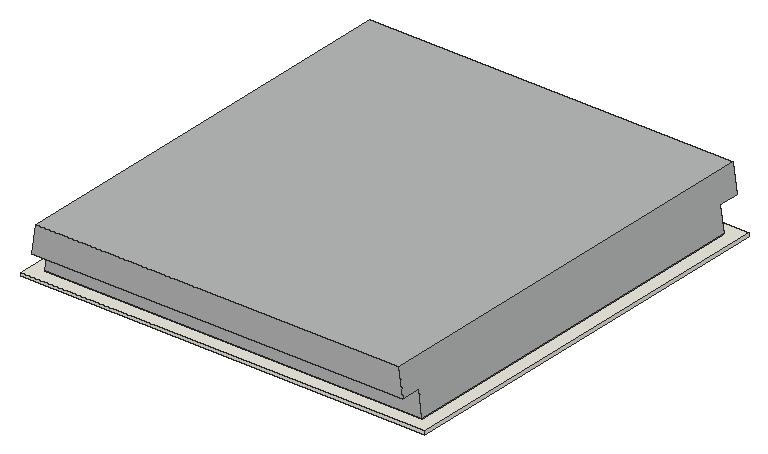
Revit family "OPERLUX", category Осветительные приборы, Revit 2019 (continued)
Types (8, lengths in mm): name | Файл фотометрической сетки | built-in parameter 1150105 | Lumens | built-in parameter 1150106 | built-in parameter 1150142 | Wattage | ADSK_Ток | ADSK_Полная мощность | ADSK_Обозначение | ADSK_Номинальная мощность | ADSK_Наименование | ADSK_Код изделия
  CSVT Operlux - 34/opal-sand (IP20, 4000К, грильято) | "Светильник OPERLUX-34 PRISMA-(588x588).IES" | 246.69 (stored number, unit not read) | 3100 lm | 2.4669 (stored number, unit not read) | "IESNA:LM-63-95\r\n[TEST] Протокол № 50\r\n[DATA] 17.06.2016\r\n[MORE] \r\n[MANUFAC] ЗАО \"Центрстройсвет\"\r\n[LUMCAT]  Светильник OPERLUX-34/PRISMA-(588x588) \r\n[LUMINAIRE]\r\n[LAMPCAT] Светодиоды\r\n[LAMP] Поток источника света (светодиодов) не известен\r\n[MORE] КСС приведена в абсолютных величинах кд\r\n[MORE] Вместо потока лампы, указан поток светильника.\r\nTILT=NONE\r\n1    3050 1.0 37 73 1 2 0.588 0.588 0.08\r\n1.0 1.0 34\r\n0.0 5.0 10.0 15.0 20.0 25.0 30.0 35.0 40.0 45.0 50.0 55.0 60.0 65.0 70.0 75.0 80.0 85.0 90.0 95.0 100.0 105.0 110.0 115.0 120.0 125.0 130.0 135.0 140.0 145.0 150.0 155.0 160.0 165.0 170.0 175.0 180.0\r\n0.0 5.0 10.0 15.0 20.0 25.0 30.0 35.0 40.0 45.0 50.0 55.0 60.0 65.0 70.0 75.0 80.0 85.0 90.0 95.0 100.0 105.0 110.0 115.0 120.0 125.0 130.0 135.0 140.0 145.0 150.0 155.0 160.0 165.0 170.0 175.0 180.0 185.0 190.0 195.0 200.0 205.0 210.0 215.0 220.0 225.0 230.0 235.0 240.0 245.0 250.0 255.0 260.0 265.0 270.0 275.0 280.0 285.0 290.0 295.0 300.0 305.0 310.0 315.0 320.0 325.0 330.0 335.0 340.0 345.0 350.0 355.0 360.0\r\n1367.8 1364.1 1339.9 1310.7 1251.0 1171.4 1077.9 956.5 826.9 709.2 591.4 468.7 352.2 267.2 190.7 130.0 88.6 43.5 5.5 0.0 0.0 0.0 0.0 0.0 0.0 0.0 0.0 0.0 0.0 0.0 0.0 0.0 0.0 0.0 0.0 0.0 0.0\r\n1367.8 1365.7 1344.6 1309.2 1251.5 1175.2 1073.4 954.2 830.4 711.2 594.6 469.5 356.0 268.7 191.9 132.6 89.9 43.9 6.3 0.0 0.0 0.0 0.0 0.0 0.0 0.0 0.0 0.0 0.0 0.0 0.0 0.0 0.0 0.0 0.0 0.0 0.0\r\n1367.8 1367.4 1347.2 1302.8 1251.5 1178.6 1078.4 958.6 835.1 714.0 597.2 474.3 359.6 268.7 192.7 135.6 92.1 44.3 6.9 0.0 0.0 0.0 0.0 0.0 0.0 0.0 0.0 0.0 0.0 0.0 0.0 0.0 0.0 0.0 0.0 0.0 0.0\r\n1367.8 1368.2 1346.2 1303.1 1250.1 1177.1 1081.4 960.9 838.1 716.2 597.6 475.0 358.6 266.4 190.9 134.8 91.7 44.9 7.0 0.0 0.0 0.0 0.0 0.0 0.0 0.0 0.0 0.0 0.0 0.0 0.0 0.0 0.0 0.0 0.0 0.0 0.0\r\n1367.8 1367.7 1343.5 1306.2 1256.1 1180.0 1081.0 961.6 838.1 714.0 595.7 473.1 356.8 262.2 188.3 132.8 89.3 43.7 6.6 0.0 0.0 0.0 0.0 0.0 0.0 0.0 0.0 0.0 0.0 0.0 0.0 0.0 0.0 0.0 0.0 0.0 0.0\r\n1367.8 1366.2 1344.8 1309.0 1256.2 1184.6 1080.4 962.6 836.8 714.8 593.8 469.6 354.4 260.1 184.9 130.4 88.4 44.2 6.5 0.0 0.0 0.0 0.0 0.0 0.0 0.0 0.0 0.0 0.0 0.0 0.0 0.0 0.0 0.0 0.0 0.0 0.0\r\n1367.8 1364.3 1347.6 1312.1 1259.9 1177.4 1078.5 968.2 849.1 721.6 596.0 467.2 355.0 257.4 183.3 127.1 87.5 45.4 6.5 0.0 0.0 0.0 0.0 0.0 0.0 0.0 0.0 0.0 0.0 0.0 0.0 0.0 0.0 0.0 0.0 0.0 0.0\r\n1367.8 1363.3 1348.8 1312.0 1262.8 1181.2 1077.4 968.8 853.2 730.0 597.2 466.8 353.5 256.9 181.1 124.8 87.2 45.9 6.9 0.0 0.0 0.0 0.0 0.0 0.0 0.0 0.0 0.0 0.0 0.0 0.0 0.0 0.0 0.0 0.0 0.0 0.0\r\n1367.8 1364.0 1350.3 1308.2 1255.9 1182.2 1079.9 969.0 856.0 734.3 601.1 468.4 352.6 254.4 178.0 121.7 85.5 45.0 6.9 0.0 0.0 0.0 0.0 0.0 0.0 0.0 0.0 0.0 0.0 0.0 0.0 0.0 0.0 0.0 0.0 0.0 0.0\r\n1367.8 1364.9 1349.2 1313.0 1259.2 1178.2 1076.4 970.7 860.9 740.8 606.9 469.1 350.2 254.0 175.6 117.8 83.6 43.4 6.7 0.0 0.0 0.0 0.0 0.0 0.0 0.0 0.0 0.0 0.0 0.0 0.0 0.0 0.0 0.0 0.0 0.0 0.0\r\n1367.8 1365.0 1348.6 1315.3 1261.5 1184.1 1082.6 973.9 862.8 745.2 607.9 469.0 350.5 253.1 173.2 116.2 81.4 42.4 6.5 0.0 0.0 0.0 0.0 0.0 0.0 0.0 0.0 0.0 0.0 0.0 0.0 0.0 0.0 0.0 0.0 0.0 0.0\r\n1367.8 1364.4 1347.9 1315.3 1258.7 1186.3 1085.9 970.5 862.2 747.0 613.0 468.8 350.2 252.8 173.4 116.6 79.8 40.9 6.7 0.0 0.0 0.0 0.0 0.0 0.0 0.0 0.0 0.0 0.0 0.0 0.0 0.0 0.0 0.0 0.0 0.0 0.0\r\n1367.8 1363.4 1347.0 1308.3 1258.6 1184.3 1089.8 973.9 867.7 742.3 606.2 467.0 350.0 252.6 175.4 119.1 79.8 42.1 7.1 0.0 0.0 0.0 0.0 0.0 0.0 0.0 0.0 0.0 0.0 0.0 0.0 0.0 0.0 0.0 0.0 0.0 0.0\r\n1367.8 1362.6 1348.4 1308.2 1261.4 1190.2 1088.3 978.6 869.6 744.0 601.1 462.4 350.2 253.6 175.9 123.0 83.5 45.3 7.8 0.0 0.0 0.0 0.0 0.0 0.0 0.0 0.0 0.0 0.0 0.0 0.0 0.0 0.0 0.0 0.0 0.0 0.0\r\n1367.8 1362.3 1347.3 1311.1 1262.3 1191.1 1093.6 982.5 872.1 746.6 597.2 461.1 348.8 251.4 176.3 127.6 89.2 48.5 7.9 0.0 0.0 0.0 0.0 0.0 0.0 0.0 0.0 0.0 0.0 0.0 0.0 0.0 0.0 0.0 0.0 0.0 0.0\r\n1367.8 1362.5 1345.8 1316.1 1260.6 1190.3 1096.8 982.6 873.3 743.8 593.1 456.4 347.2 250.6 175.7 130.9 94.2 51.8 9.3 0.0 0.0 0.0 0.0 0.0 0.0 0.0 0.0 0.0 0.0 0.0 0.0 0.0 0.0 0.0 0.0 0.0 0.0\r\n1367.8 1363.2 1345.2 1315.5 1267.1 1195.5 1096.1 995.9 871.3 740.3 589.0 455.0 342.8 246.9 174.2 131.9 97.1 52.4 10.1 0.0 0.0 0.0 0.0 0.0 0.0 0.0 0.0 0.0 0.0 0.0 0.0 0.0 0.0 0.0 0.0 0.0 0.0\r\n1367.8 1364.5 1346.0 1317.2 1264.0 1194.7 1102.6 991.8 873.9 736.2 584.7 454.3 338.6 243.0 171.3 130.1 99.3 53.7 9.5 0.0 0.0 0.0 0.0 0.0 0.0 0.0 0.0 0.0 0.0 0.0 0.0 0.0 0.0 0.0 0.0 0.0 0.0\r\n1367.8 1365.9 1346.4 1317.1 1264.0 1198.2 1105.3 994.6 872.6 727.7 582.0 451.8 335.8 239.9 168.3 127.6 100.0 55.8 7.5 0.0 0.0 0.0 0.0 0.0 0.0 0.0 0.0 0.0 0.0 0.0 0.0 0.0 0.0 0.0 0.0 0.0 0.0\r\n1367.8 1366.3 1344.9 1317.5 1265.6 1200.4 1108.2 997.2 868.8 722.7 575.8 446.5 333.1 238.4 167.7 126.3 98.1 56.1 8.8 0.0 0.0 0.0 0.0 0.0 0.0 0.0 0.0 0.0 0.0 0.0 0.0 0.0 0.0 0.0 0.0 0.0 0.0\r\n1367.8 1365.9 1344.0 1313.0 1263.2 1200.6 1104.3 997.0 862.7 720.9 568.5 441.0 331.7 237.8 167.7 126.3 96.7 53.7 9.4 0.0 0.0 0.0 0.0 0.0 0.0 0.0 0.0 0.0 0.0 0.0 0.0 0.0 0.0 0.0 0.0 0.0 0.0\r\n1367.8 1365.3 1346.1 1312.6 1263.0 1198.3 1108.1 995.3 861.6 712.7 563.4 437.4 331.4 236.8 165.9 124.7 95.3 55.2 9.1 0.0 0.0 0.0 0.0 0.0 0.0 0.0 0.0 0.0 0.0 0.0 0.0 0.0 0.0 0.0 0.0 0.0 0.0\r\n1367.8 1364.9 1349.2 1313.0 1262.9 1199.0 1108.3 993.8 855.7 710.3 563.1 435.2 329.9 233.9 163.4 121.6 92.0 55.1 8.8 0.0 0.0 0.0 0.0 0.0 0.0 0.0 0.0 0.0 0.0 0.0 0.0 0.0 0.0 0.0 0.0 0.0 0.0\r\n1367.8 1364.1 1352.0 1313.2 1259.2 1197.0 1104.6 988.6 849.9 704.2 562.4 433.5 327.9 230.5 158.4 116.9 87.6 51.4 7.8 0.0 0.0 0.0 0.0 0.0 0.0 0.0 0.0 0.0 0.0 0.0 0.0 0.0 0.0 0.0 0.0 0.0 0.0\r\n1367.8 1363.0 1349.6 1313.3 1257.8 1193.2 1098.7 980.1 848.0 708.1 565.6 433.4 325.1 228.0 154.2 111.3 83.7 49.7 7.5 0.0 0.0 0.0 0.0 0.0 0.0 0.0 0.0 0.0 0.0 0.0 0.0 0.0 0.0 0.0 0.0 0.0 0.0\r\n1367.8 1361.9 1346.7 1314.1 1256.8 1193.2 1093.6 977.6 847.2 708.6 569.1 434.8 324.5 225.9 151.7 107.5 81.6 48.9 7.3 0.0 0.0 0.0 0.0 0.0 0.0 0.0 0.0 0.0 0.0 0.0 0.0 0.0 0.0 0.0 0.0 0.0 0.0\r\n1367.8 1361.2 1345.0 1309.5 1261.1 1193.3 1089.9 973.2 851.1 709.3 572.7 435.0 323.4 225.4 152.1 105.8 80.4 49.9 7.3 0.0 0.0 0.0 0.0 0.0 0.0 0.0 0.0 0.0 0.0 0.0 0.0 0.0 0.0 0.0 0.0 0.0 0.0\r\n1367.8 1360.5 1345.3 1307.2 1258.6 1186.4 1085.9 974.0 847.9 714.1 575.5 436.8 321.2 223.3 152.0 105.2 79.8 49.6 8.0 0.0 0.0 0.0 0.0 0.0 0.0 0.0 0.0 0.0 0.0 0.0 0.0 0.0 0.0 0.0 0.0 0.0 0.0\r\n1367.8 1360.0 1344.3 1308.1 1257.8 1178.2 1085.3 975.1 848.7 715.2 575.4 439.1 318.7 223.0 150.8 104.3 79.3 49.5 8.2 0.0 0.0 0.0 0.0 0.0 0.0 0.0 0.0 0.0 0.0 0.0 0.0 0.0 0.0 0.0 0.0 0.0 0.0\r\n1367.8 1360.5 1346.2 1311.6 1256.3 1174.7 1082.9 978.6 851.4 710.5 574.9 440.6 317.9 221.6 152.3 106.4 79.3 48.7 8.4 0.0 0.0 0.0 0.0 0.0 0.0 0.0 0.0 0.0 0.0 0.0 0.0 0.0 0.0 0.0 0.0 0.0 0.0\r\n1367.8 1361.9 1350.3 1309.3 1252.2 1172.6 1080.3 970.8 851.2 713.3 570.6 439.7 319.0 222.4 154.5 110.7 81.7 47.4 8.1 0.0 0.0 0.0 0.0 0.0 0.0 0.0 0.0 0.0 0.0 0.0 0.0 0.0 0.0 0.0 0.0 0.0 0.0\r\n1367.8 1363.7 1348.0 1307.6 1253.5 1171.4 1087.1 971.6 851.9 710.7 569.9 438.2 323.8 226.5 159.3 115.4 83.3 45.0 7.6 0.0 0.0 0.0 0.0 0.0 0.0 0.0 0.0 0.0 0.0 0.0 0.0 0.0 0.0 0.0 0.0 0.0 0.0\r\n1367.8 1365.3 1346.4 1312.3 1251.8 1172.7 1086.5 974.6 847.7 705.0 567.7 442.4 326.6 234.0 164.3 120.1 85.8 43.9 7.4 0.0 0.0 0.0 0.0 0.0 0.0 0.0 0.0 0.0 0.0 0.0 0.0 0.0 0.0 0.0 0.0 0.0 0.0\r\n1367.8 1366.2 1347.0 1309.1 1250.4 1170.7 1085.2 978.5 846.6 705.8 567.4 441.3 331.1 236.3 167.7 122.8 88.4 45.0 8.1 0.0 0.0 0.0 0.0 0.0 0.0 0.0 0.0 0.0 0.0 0.0 0.0 0.0 0.0 0.0 0.0 0.0 0.0\r\n1367.8 1366.0 1347.9 1306.2 1240.5 1166.7 1082.2 977.2 844.2 702.8 566.8 442.7 335.1 241.3 169.7 123.7 90.0 45.9 9.2 0.0 0.0 0.0 0.0 0.0 0.0 0.0 0.0 0.0 0.0 0.0 0.0 0.0 0.0 0.0 0.0 0.0 0.0\r\n1367.8 1364.3 1346.5 1311.7 1250.6 1170.3 1080.9 980.5 844.4 703.8 569.8 446.4 334.2 240.3 169.5 121.7 87.9 46.9 9.3 0.0 0.0 0.0 0.0 0.0 0.0 0.0 0.0 0.0 0.0 0.0 0.0 0.0 0.0 0.0 0.0 0.0 0.0\r\n1367.8 1361.6 1341.0 1307.3 1249.6 1169.2 1088.8 980.5 845.1 706.2 571.7 444.8 333.0 238.4 168.9 120.7 87.1 47.8 7.8 0.0 0.0 0.0 0.0 0.0 0.0 0.0 0.0 0.0 0.0 0.0 0.0 0.0 0.0 0.0 0.0 0.0 0.0\r\n1367.8 1359.4 1337.2 1303.3 1252.4 1170.4 1080.4 978.1 841.4 701.4 566.4 444.4 333.5 241.2 169.4 122.2 88.2 47.2 9.5 0.0 0.0 0.0 0.0 0.0 0.0 0.0 0.0 0.0 0.0 0.0 0.0 0.0 0.0 0.0 0.0 0.0 0.0\r\n1367.8 1359.3 1342.6 1310.3 1242.7 1173.0 1078.8 976.3 844.8 702.0 565.3 440.7 332.8 240.9 169.9 123.5 89.5 46.1 9.1 0.0 0.0 0.0 0.0 0.0 0.0 0.0 0.0 0.0 0.0 0.0 0.0 0.0 0.0 0.0 0.0 0.0 0.0\r\n1367.8 1361.3 1345.4 1306.4 1248.2 1167.7 1080.4 980.5 846.8 703.5 567.2 443.4 333.2 240.2 168.7 123.1 88.4 46.2 8.4 0.0 0.0 0.0 0.0 0.0 0.0 0.0 0.0 0.0 0.0 0.0 0.0 0.0 0.0 0.0 0.0 0.0 0.0\r\n1367.8 1364.4 1343.1 1308.2 1251.3 1170.9 1084.2 980.8 848.5 707.7 571.1 445.6 332.7 238.1 167.5 120.7 85.6 44.6 7.7 0.0 0.0 0.0 0.0 0.0 0.0 0.0 0.0 0.0 0.0 0.0 0.0 0.0 0.0 0.0 0.0 0.0 0.0\r\n1367.8 1366.7 1342.9 1310.2 1254.3 1176.8 1087.8 981.7 853.4 711.9 574.2 446.0 329.4 232.8 162.6 116.6 83.7 45.3 8.1 0.0 0.0 0.0 0.0 0.0 0.0 0.0 0.0 0.0 0.0 0.0 0.0 0.0 0.0 0.0 0.0 0.0 0.0\r\n1367.8 1367.7 1346.5 1310.6 1258.1 1183.1 1085.5 978.6 854.1 714.2 577.9 448.7 327.1 229.4 158.3 112.1 82.0 47.9 9.0 0.0 0.0 0.0 0.0 0.0 0.0 0.0 0.0 0.0 0.0 0.0 0.0 0.0 0.0 0.0 0.0 0.0 0.0\r\n1367.8 1367.3 1348.0 1310.6 1262.6 1180.1 1086.5 982.6 856.7 719.8 579.9 448.7 324.7 226.8 155.7 107.8 80.3 50.1 9.5 0.0 0.0 0.0 0.0 0.0 0.0 0.0 0.0 0.0 0.0 0.0 0.0 0.0 0.0 0.0 0.0 0.0 0.0\r\n1367.8 1365.6 1348.6 1309.9 1259.0 1186.0 1089.0 979.4 855.0 722.2 584.2 450.5 325.6 227.6 155.8 107.2 80.5 51.4 9.6 0.0 0.0 0.0 0.0 0.0 0.0 0.0 0.0 0.0 0.0 0.0 0.0 0.0 0.0 0.0 0.0 0.0 0.0\r\n1367.8 1363.3 1347.7 1306.8 1261.1 1190.7 1095.5 982.3 860.8 723.2 585.7 446.3 327.8 230.3 158.2 109.3 81.7 51.4 9.3 0.0 0.0 0.0 0.0 0.0 0.0 0.0 0.0 0.0 0.0 0.0 0.0 0.0 0.0 0.0 0.0 0.0 0.0\r\n1367.8 1361.0 1344.4 1306.7 1264.4 1191.7 1095.0 984.8 858.7 723.1 583.6 444.8 328.4 232.3 158.6 109.9 81.8 51.7 9.0 0.0 0.0 0.0 0.0 0.0 0.0 0.0 0.0 0.0 0.0 0.0 0.0 0.0 0.0 0.0 0.0 0.0 0.0\r\n1367.8 1359.1 1344.3 1308.4 1263.8 1198.1 1102.2 989.8 861.5 721.8 582.8 444.8 331.3 233.7 158.6 111.1 83.0 50.9 8.9 0.0 0.0 0.0 0.0 0.0 0.0 0.0 0.0 0.0 0.0 0.0 0.0 0.0 0.0 0.0 0.0 0.0 0.0\r\n1367.8 1357.8 1346.5 1313.8 1263.6 1192.7 1107.0 996.3 859.5 718.8 579.1 442.9 332.1 234.9 160.7 114.1 84.6 51.0 9.2 0.0 0.0 0.0 0.0 0.0 0.0 0.0 0.0 0.0 0.0 0.0 0.0 0.0 0.0 0.0 0.0 0.0 0.0\r\n1367.8 1357.7 1347.3 1313.2 1264.3 1198.9 1108.1 998.6 864.9 718.7 573.2 441.1 332.1 237.8 164.0 118.2 87.5 52.0 9.8 0.0 0.0 0.0 0.0 0.0 0.0 0.0 0.0 0.0 0.0 0.0 0.0 0.0 0.0 0.0 0.0 0.0 0.0\r\n1367.8 1358.5 1346.9 1313.1 1266.5 1195.6 1112.2 1002.8 870.4 722.5 574.7 443.8 335.7 239.1 166.4 121.6 91.2 55.8 10.9 0.0 0.0 0.0 0.0 0.0 0.0 0.0 0.0 0.0 0.0 0.0 0.0 0.0 0.0 0.0 0.0 0.0 0.0\r\n1367.8 1359.8 1344.7 1312.9 1269.5 1203.1 1107.5 1002.6 874.5 724.4 574.3 444.8 335.5 240.3 169.6 124.4 94.2 56.9 11.6 0.0 0.0 0.0 0.0 0.0 0.0 0.0 0.0 0.0 0.0 0.0 0.0 0.0 0.0 0.0 0.0 0.0 0.0\r\n1367.8 1361.7 1344.5 1316.7 1266.1 1199.3 1111.1 1004.7 879.7 733.6 577.6 446.7 337.8 241.2 168.7 126.0 96.3 56.5 11.7 0.0 0.0 0.0 0.0 0.0 0.0 0.0 0.0 0.0 0.0 0.0 0.0 0.0 0.0 0.0 0.0 0.0 0.0\r\n1367.8 1363.9 1346.7 1316.2 1265.7 1198.1 1117.1 1006.7 882.1 737.2 586.5 450.4 338.9 242.3 167.8 125.5 98.6 58.1 10.5 0.0 0.0 0.0 0.0 0.0 0.0 0.0 0.0 0.0 0.0 0.0 0.0 0.0 0.0 0.0 0.0 0.0 0.0\r\n1367.8 1365.2 1345.4 1319.5 1265.7 1198.8 1109.1 1003.5 876.9 742.6 589.1 456.4 341.1 242.1 167.5 126.8 100.2 57.9 8.8 0.0 0.0 0.0 0.0 0.0 0.0 0.0 0.0 0.0 0.0 0.0 0.0 0.0 0.0 0.0 0.0 0.0 0.0\r\n1367.8 1365.0 1345.2 1312.9 1265.8 1199.0 1109.7 999.6 877.6 742.6 595.8 457.7 342.1 245.3 170.4 128.5 99.0 56.9 11.0 0.0 0.0 0.0 0.0 0.0 0.0 0.0 0.0 0.0 0.0 0.0 0.0 0.0 0.0 0.0 0.0 0.0 0.0\r\n1367.8 1364.1 1347.9 1311.6 1271.1 1195.3 1102.7 998.9 881.1 745.5 597.2 460.9 345.1 248.6 174.0 129.7 96.5 55.6 11.2 0.0 0.0 0.0 0.0 0.0 0.0 0.0 0.0 0.0 0.0 0.0 0.0 0.0 0.0 0.0 0.0 0.0 0.0\r\n1367.8 1363.0 1347.3 1314.0 1269.6 1192.3 1104.9 991.5 878.3 748.8 603.5 463.3 348.1 251.3 177.2 130.4 94.2 55.0 10.3 0.0 0.0 0.0 0.0 0.0 0.0 0.0 0.0 0.0 0.0 0.0 0.0 0.0 0.0 0.0 0.0 0.0 0.0\r\n1367.8 1362.4 1346.2 1314.7 1264.3 1194.7 1094.8 992.0 878.4 749.1 608.2 465.6 349.4 252.9 177.2 127.6 90.1 51.7 8.7 0.0 0.0 0.0 0.0 0.0 0.0 0.0 0.0 0.0 0.0 0.0 0.0 0.0 0.0 0.0 0.0 0.0 0.0\r\n1367.8 1362.7 1348.0 1314.5 1265.5 1196.6 1094.9 983.4 872.0 752.6 609.3 469.0 352.6 254.1 177.1 125.0 85.8 47.2 8.1 0.0 0.0 0.0 0.0 0.0 0.0 0.0 0.0 0.0 0.0 0.0 0.0 0.0 0.0 0.0 0.0 0.0 0.0\r\n1367.8 1362.9 1347.6 1317.1 1264.6 1191.1 1090.4 981.6 868.8 748.7 612.1 472.2 352.0 253.6 176.2 121.4 83.1 43.4 6.9 0.0 0.0 0.0 0.0 0.0 0.0 0.0 0.0 0.0 0.0 0.0 0.0 0.0 0.0 0.0 0.0 0.0 0.0\r\n1367.8 1362.5 1343.6 1318.7 1268.8 1192.3 1085.5 974.5 866.1 750.5 612.3 472.0 350.7 253.1 174.7 119.5 83.2 43.3 6.3 0.0 0.0 0.0 0.0 0.0 0.0 0.0 0.0 0.0 0.0 0.0 0.0 0.0 0.0 0.0 0.0 0.0 0.0\r\n1367.8 1362.1 1341.3 1317.3 1267.8 1185.0 1082.2 972.1 864.2 747.6 611.4 473.0 350.1 254.2 174.7 118.9 84.4 45.4 6.1 0.0 0.0 0.0 0.0 0.0 0.0 0.0 0.0 0.0 0.0 0.0 0.0 0.0 0.0 0.0 0.0 0.0 0.0\r\n1367.8 1362.2 1343.6 1308.9 1260.0 1189.4 1084.9 971.7 859.6 740.4 606.9 470.8 351.4 253.9 176.6 120.3 86.5 45.9 6.5 0.0 0.0 0.0 0.0 0.0 0.0 0.0 0.0 0.0 0.0 0.0 0.0 0.0 0.0 0.0 0.0 0.0 0.0\r\n1367.8 1363.0 1342.9 1314.5 1263.9 1184.9 1081.6 971.9 853.4 735.2 605.3 467.7 352.3 254.8 180.1 122.7 87.8 46.6 6.8 0.0 0.0 0.0 0.0 0.0 0.0 0.0 0.0 0.0 0.0 0.0 0.0 0.0 0.0 0.0 0.0 0.0 0.0\r\n1367.8 1364.3 1340.2 1313.1 1261.0 1182.5 1084.4 971.4 852.3 730.7 600.0 466.2 354.3 255.8 181.2 124.6 88.4 46.8 6.6 0.0 0.0 0.0 0.0 0.0 0.0 0.0 0.0 0.0 0.0 0.0 0.0 0.0 0.0 0.0 0.0 0.0 0.0\r\n1367.8 1365.9 1343.5 1308.2 1258.3 1181.3 1083.1 966.4 845.6 721.0 594.9 467.0 352.2 259.1 183.4 126.7 88.1 45.4 6.1 0.0 0.0 0.0 0.0 0.0 0.0 0.0 0.0 0.0 0.0 0.0 0.0 0.0 0.0 0.0 0.0 0.0 0.0\r\n1367.8 1366.3 1345.1 1308.7 1254.7 1177.8 1080.9 969.9 838.6 714.9 593.4 465.7 351.7 258.6 185.5 129.6 88.1 44.0 5.9 0.0 0.0 0.0 0.0 0.0 0.0 0.0 0.0 0.0 0.0 0.0 0.0 0.0 0.0 0.0 0.0 0.0 0.0\r\n1367.8 1364.5 1343.2 1306.3 1248.4 1177.3 1082.4 962.7 833.3 713.0 595.0 468.9 352.8 260.9 187.3 132.3 88.7 43.5 6.0 0.0 0.0 0.0 0.0 0.0 0.0 0.0 0.0 0.0 0.0 0.0 0.0 0.0 0.0 0.0 0.0 0.0 0.0\r\n1367.8 1362.4 1346.0 1305.7 1255.8 1170.9 1078.4 956.8 832.7 709.6 592.6 470.6 355.6 263.8 189.2 133.7 90.3 44.0 6.3 0.0 0.0 0.0 0.0 0.0 0.0 0.0 0.0 0.0 0.0 0.0 0.0 0.0 0.0 0.0 0.0 0.0 0.0\r\n1367.8 1362.0 1346.8 1311.0 1252.6 1177.3 1074.5 958.3 825.6 709.7 591.0 467.7 356.3 264.6 188.4 133.0 90.3 43.3 6.2 0.0 0.0 0.0 0.0 0.0 0.0 0.0 0.0 0.0 0.0 0.0 0.0 0.0 0.0 0.0 0.0 0.0 0.0\r\n1367.8 1363.0 1341.5 1311.3 1242.3 1175.5 1082.4 953.9 818.8 707.4 591.0 466.6 352.5 265.4 188.6 130.9 89.0 43.1 6.3 0.0 0.0 0.0 0.0 0.0 0.0 0.0 0.0 0.0 0.0 0.0 0.0 0.0 0.0 0.0 0.0 0.0 0.0\r\n1367.8 1364.1 1339.9 1310.7 1251.0 1171.4 1077.9 956.5 826.9 709.2 591.4 468.7 352.2 267.2 190.7 130.0 88.6 43.5 5.5 0.0 0.0 0.0 0.0 0.0 0.0 0.0 0.0 0.0 0.0 0.0 0.0 0.0 0.0 0.0 0.0 0.0 0.0\r\n" | 20.8695 W | 0.151229 A | 34.7826 VA | "CSVT Operlux-34/opal-sand (IP20, 4000К, грильято)" | 32 W | "Встраиваемый светодиодный светильник CSVT Operlux-34/opal-sand (IP20, 4000К, грильято)" | "ЦБ000007880"
